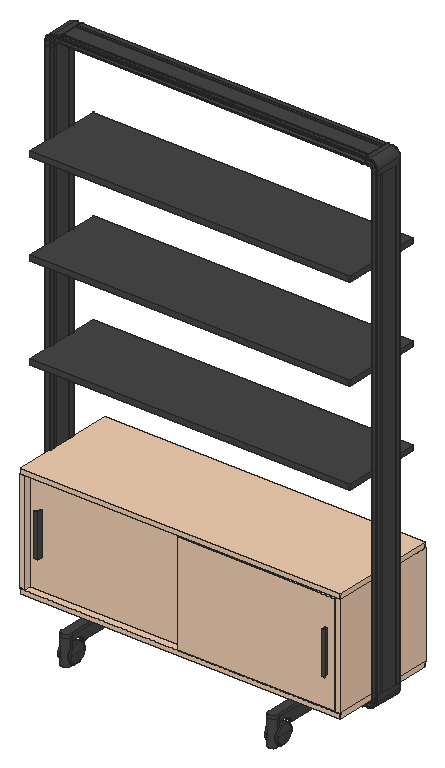
Revit family "DBLTD_TheSenatorGroup_OffcStrg_AdaptWall", category Furniture, Revit 2019
Family settings
  Work Plane-Based = No
  Always vertical = Yes
  Cut with Voids When Loaded = No
  Shared = Yes
  Room Calculation Point = No
Parameters (values of type "3 x Shelf with Sliding Door Unit 1250mm Wide")
  WarrantyStartDate [instance] = "1900-12-31T23:59:59"
  WarrantyGuarantorParts = "n/a"
  WarrantyGuarantorLabor = "n/a"
  WarrantyDurationUnit = "Years"
  WarrantyDurationParts = "n/a"
  WarrantyDurationLabor = "n/a"
  WarrantyDescription = "Senator warrants that its manufactured products are free from manufacturing defects - in materials or workmanship - for a period of ten (10) years on Senator Seating ranges; and fifteen (15) years on Senator Desking ranges"
  Version = "2"  # constant formula
  Uniclass2015Version = "Products v1.9"
  Uniclass2015Title = "Office storage units"
  Uniclass2015Code = "Pr_40_30_78_57"
  URL = "https://www.thesenatorgroup.com/"
  Type Comments = ModelReference  # "3 x Shelf with Sliding Door Unit 1250mm Wide"
  TagNumber [instance] = "n/a"
  SustainabilityPerformance = "n/a"
  Style = "n/a"
  StorageType = DBLTD_TheSenatorGroup_OffcStrg_AdaptWall_StorageSlide : Storage
  Size = "L 530mm x  W 1250mm x  H 1965mm"
  ShelfType = DBLTD_TheSenatorGroup_OffcStrg_AdaptWall_Shelf : Shelves with Storage
  Shape = "Rectangular"
  SerialNumber [instance] = "n/a"
  Revision = "n/a"
  ReplacementCost = "n/a"
  ProductInformation = "https://www.thesenatorgroup.com/"
  OmniClassTitle = "Storage"
  OmniClassCode = "22-12 51 19"
  NominalWidth = NominalLength  # 1250 mm
  NominalLength = 1250 mm
  NominalHeight = 1965 mm
  NominalDepth = 530 mm
  Name = "OfficeStorage_AdaptWall_TheSenatorGroup"
  NBSReference = "45-35-80/360"
  NBSDescription = "Office storage"
  NBSCertification = ""
  ModelReference = "3 x Shelf with Sliding Door Unit 1250mm Wide"
  ModelNumber = "AW2012SH3SL"
  Model = ModelNumber  # "AW2012SH3SL"
  Material = "MFC storage."
  ManufacturerURL = "https://www.thesenatorgroup.com/"
  ManufacturerName = "The Senator Group"
  Manufacturer = "The Senator Group"
  MainColor = "n/a"
  Keynote = "Pr_40_30_78_57"
  InstallationDate [instance] = "1900-12-31T23:59:59"
  IfcExportType = "STORAGE"  # constant formula
  IfcExportAs = "IfcFurnitureType"  # constant formula
  HasStorage = yes
  Grade = "n/a"
  FrameMaterial [instance] = TheSenatorGroup_Metal_Black
  Finish = "Frame available in Black or White. MFC Storage available in Black, White or Strata Oak."
  Features = "n/a"
  ExpectedLife = "n/a"
  DurationUnit = "year"
  Description = ModelReference  # "3 x Shelf with Sliding Door Unit 1250mm Wide"
  Cost = 0
  Constituents = "n/a"
  Color = "Defined by Finish Specifed"
  CodePerformance = "n/a"
  Category = "Pr_40_30_78_57:Office storage units"
  CarcassMaterial [instance] = TheSenatorGroup_Wood_StrataOak
  BarCode [instance] = "n/a"
  BIMObjectName = "TheSenatorGroup_OfficeStorage_AdaptWall"
  Author = "Diane Butterworth Ltd"  # constant formula
  AssetType = "Movable"
  AssetIdentifier [instance] = "n/a"
  AccessibilityPerformance = "n/a"
Reference planes
  plane 1 "Back": y = 0
  plane 2: z = 0
  plane 3 "Center (Left/Right)": x = 0
  plane 4 "Front": y = -530
  plane 5 "Left": x = -625
  plane 6 "Right": x = 625
  plane 7 "Top": z = 1965
  plane 8: y = -265
Dimensions and locks
  "NominalDepth": plane 4 "Front" to plane 1 "Back"
  equal spacing: plane 5 "Left", plane 3 "Center (Left/Right)", plane 6 "Right"
  "NominalLength": plane 5 "Left" to plane 6 "Right"
  "NominalHeight": plane 7 "Top" to level
  equal spacing: plane 4 "Front", plane 8, plane 1 "Back"
  aligned and locked: level to plane 2
  aligned and locked: plane 3 "Center (Left/Right)" to nested 1
  aligned and locked: plane 8 to nested 1
  aligned and locked: nested 1 to nested 2
  aligned and locked: plane 3 "Center (Left/Right)" to nested 3
Nested families
  nested 1: "DBLTD_TheSenatorGroup_OffcStrg_AdaptWall_Frame" at (0, -36, 0), FrameWidth <- "NominalWidth", FrameMaterial <- "FrameMaterial", type "1250 Frame with Castors"
    with FrameWidth 1250 mm, FrameMaterial TheSenatorGroup_Metal_Black
  nested 2: "DBLTD_TheSenatorGroup_OffcStrg_AdaptWall_Shelf" at (0, -36, 0), FrameMaterial <- "FrameMaterial", FrameWidth <- "NominalWidth", type <- "ShelfType", type "Shelves with Storage"
    with FrameWidth 1250 mm, FrameMaterial TheSenatorGroup_Metal_Black
  nested 3: "DBLTD_TheSenatorGroup_OffcStrg_AdaptWall_StorageSlide" at (0, -36, 0), FrameWidth <- "NominalWidth", type <- "StorageType", FrameMaterial <- "FrameMaterial", CarcassMaterial <- "CarcassMaterial", visible <- "HasStorage", type "Storage"
    with FrameWidth 1250 mm, FrameMaterial TheSenatorGroup_Metal_Black, CarcassMaterial TheSenatorGroup_Wood_StrataOak
Definition of nested family "DBLTD_TheSenatorGroup_OffcStrg_AdaptWall_Frame"
  Parameters (values of type "Frame with Castors")
    URL = ""
    Type Comments = ""
    Model = ""
    Manufacturer = ""
    Keynote = ""
    FrameWidth [instance] = 1250 mm
    FrameMaterial [instance] = none
    Description = ""
    Cost = 0
  Reference planes
    plane 1: z = 0
    plane 2 "Center (Left/Right)": x = 0
    plane 3: y = -229
    plane 4: x = -576.25
    plane 5: x = 576.25
    plane 6: x = -625
    plane 7: x = 625
    plane 8: x = -401.881
    plane 9: x = -376.119
    plane 10: x = 401.881
    plane 11: x = 376.119
  Forms (mm)
    Extrusion 1, solid, material <- "FrameMaterial"
      sketch origin (0, 0, 0) x (1, 0, 0) y (0, 0, 1)
        loop
          line (-536.332, 87.142) -> (536.284, 87.142)
          arc (536.284, 87.142) -> (544.073, 88.158) -> (551.332, 91.161) r 30
          line (551.332, 91.161) -> (594.6, 116.142) -> (-594.6, 116.142) -> (-551.332, 91.161)
          arc (-551.332, 91.161) -> (-544.097, 88.164) -> (-536.332, 87.142) r 30
      from 198.323 to 259.677
    Extrusion 2, void
      sketch origin (0, 0, 0) x (0, 1, 0) y (0, 0, 1)
        loop
          line (-206.193, 115.454) -> (-207.677, 87.142) -> (-198.323, 87.142) -> (-198.323, 116.142) -> (-206.193, 115.454)
        loop
          line (-251.807, 115.454) -> (-259.677, 116.142) -> (-259.677, 87.142) -> (-250.323, 87.142) -> (-251.807, 115.454)
      from -802.4 to 802.4
    Extrusion 3, solid, material <- "FrameMaterial"
      sketch origin (0, 0, 75) x (-1, 0, 0) y (0, -1, 0)
        loop
          arc (405.5, 471.871) -> (389, 495.177) -> (372.5, 471.871) r 17.494
          line (372.5, 471.871) -> (372.5, -13.871)
          arc (372.5, -13.871) -> (389, -37.177) -> (405.5, -13.871) r 17.494
          line (405.5, -13.871) -> (405.5, 471.871)
      from 24.957 to 35.858
    Extrusion 4, solid, material <- "FrameMaterial"
      sketch origin (0, 0, 75) x (-1, 0, 0) y (0, -1, 0)
        loop
          circle (389, 477.683) r 17.494
      from -73 to 24.957
    Extrusion 5, solid, material <- "FrameMaterial"
      sketch origin (0, -458, 75) x (-1, 0, 0) y (0, -1, 0)
        loop
          circle (389, -477.683) r 17.494
      from -73 to 24.957
    Revolve 6, solid, material <- "FrameMaterial"
      sketch origin (0, 0, 37.5) x (-1, 0, 0) y (0, -1, 0)
        loop
          line (376.119, 489.895) -> (368.353, 489.895) -> (365.897, 485.641)
          arc (365.897, 485.641) -> (364.038, 469.064) -> (363.417, 452.395) r 224.102
          line (363.417, 452.395) -> (414.583, 452.395)
          arc (414.583, 452.395) -> (413.963, 469.064) -> (412.104, 485.641) r 224.102
          line (412.104, 485.641) -> (409.648, 489.895) -> (401.881, 489.895) -> (401.881, 462.895) -> (376.119, 462.895) -> (376.119, 489.895)
        axis (414.583, 452.395) -> (363.417, 452.395)
      angle from 0 to 360
    Extrusion 7, solid, material <- "FrameMaterial"
      sketch origin (0, 0, 0) x (0, 1, 0) y (0, 0, 1)
        loop
          line (-271.631, 1948.544) -> (-281.608, 1945.904)
          arc (-281.608, 1945.904) -> (-282.412, 1945.369) -> (-282.724, 1944.454) r 1.5
          line (-282.724, 1944.454) -> (-282.724, 1943.31)
          arc (-282.724, 1943.31) -> (-282.431, 1942.603) -> (-281.724, 1942.31) r 1
          line (-281.724, 1942.31) -> (-266.634, 1942.31)
          arc (-266.634, 1942.31) -> (-265.589, 1942.365) -> (-264.555, 1942.529) r 10
          line (-264.555, 1942.529) -> (-259.755, 1943.549)
          arc (-259.755, 1943.549) -> (-258.721, 1943.713) -> (-257.676, 1943.767) r 10
          line (-257.676, 1943.767) -> (-200.324, 1943.767)
          arc (-200.324, 1943.767) -> (-199.279, 1943.713) -> (-198.245, 1943.549) r 10
          line (-198.245, 1943.549) -> (-193.445, 1942.529)
          arc (-193.445, 1942.529) -> (-192.411, 1942.365) -> (-191.366, 1942.31) r 10
          line (-191.366, 1942.31) -> (-176.276, 1942.31)
          arc (-176.276, 1942.31) -> (-175.569, 1942.603) -> (-175.276, 1943.31) r 1
          line (-175.276, 1943.31) -> (-175.276, 1944.454)
          arc (-175.276, 1944.454) -> (-175.588, 1945.369) -> (-176.392, 1945.904) r 1.5
          line (-176.392, 1945.904) -> (-186.369, 1948.544)
          arc (-186.369, 1948.544) -> (-187.442, 1949.258) -> (-187.857, 1950.478) r 2
          line (-187.857, 1950.478) -> (-187.857, 1956.743)
          arc (-187.857, 1956.743) -> (-187.442, 1957.963) -> (-186.369, 1958.676) r 2
          line (-186.369, 1958.676) -> (-176.392, 1961.317)
          arc (-176.392, 1961.317) -> (-175.588, 1961.852) -> (-175.276, 1962.767) r 1.5
          line (-175.276, 1962.767) -> (-175.276, 1963.91)
          arc (-175.276, 1963.91) -> (-175.569, 1964.617) -> (-176.276, 1964.91) r 1
          line (-176.276, 1964.91) -> (-191.366, 1964.91)
          arc (-191.366, 1964.91) -> (-192.411, 1964.855) -> (-193.445, 1964.692) r 10
          line (-193.445, 1964.692) -> (-198.245, 1963.671)
          arc (-198.245, 1963.671) -> (-199.279, 1963.508) -> (-200.324, 1963.453) r 10
          line (-200.324, 1963.453) -> (-257.676, 1963.453)
          arc (-257.676, 1963.453) -> (-258.721, 1963.508) -> (-259.755, 1963.671) r 10
          line (-259.755, 1963.671) -> (-264.555, 1964.692)
          arc (-264.555, 1964.692) -> (-265.589, 1964.855) -> (-266.634, 1964.91) r 10
          line (-266.634, 1964.91) -> (-281.724, 1964.91)
          arc (-281.724, 1964.91) -> (-282.431, 1964.617) -> (-282.724, 1963.91) r 1
          line (-282.724, 1963.91) -> (-282.724, 1962.767)
          arc (-282.724, 1962.767) -> (-282.412, 1961.852) -> (-281.608, 1961.317) r 1.5
          line (-281.608, 1961.317) -> (-271.631, 1958.676)
          arc (-271.631, 1958.676) -> (-270.558, 1957.963) -> (-270.143, 1956.743) r 2
          line (-270.143, 1956.743) -> (-270.143, 1950.478)
          arc (-270.143, 1950.478) -> (-270.558, 1949.258) -> (-271.631, 1948.544) r 2
      from -576.25 to 576.25
    Extrusion 8, solid, material <- "FrameMaterial"
      sketch origin (0, 0, -1826.168) x (0, 1, 0) y (0, 0, 1)
        loop
          line (-271.631, 1948.544) -> (-281.608, 1945.904)
          arc (-281.608, 1945.904) -> (-282.412, 1945.369) -> (-282.724, 1944.454) r 1.5
          line (-282.724, 1944.454) -> (-282.724, 1943.31)
          arc (-282.724, 1943.31) -> (-282.431, 1942.603) -> (-281.724, 1942.31) r 1
          line (-281.724, 1942.31) -> (-266.634, 1942.31)
          arc (-266.634, 1942.31) -> (-265.589, 1942.365) -> (-264.555, 1942.529) r 10
          line (-264.555, 1942.529) -> (-259.755, 1943.549)
          arc (-259.755, 1943.549) -> (-258.721, 1943.713) -> (-257.676, 1943.767) r 10
          line (-257.676, 1943.767) -> (-200.324, 1943.767)
          arc (-200.324, 1943.767) -> (-199.279, 1943.713) -> (-198.245, 1943.549) r 10
          line (-198.245, 1943.549) -> (-193.445, 1942.529)
          arc (-193.445, 1942.529) -> (-192.411, 1942.365) -> (-191.366, 1942.31) r 10
          line (-191.366, 1942.31) -> (-176.276, 1942.31)
          arc (-176.276, 1942.31) -> (-175.569, 1942.603) -> (-175.276, 1943.31) r 1
          line (-175.276, 1943.31) -> (-175.276, 1944.454)
          arc (-175.276, 1944.454) -> (-175.588, 1945.369) -> (-176.392, 1945.904) r 1.5
          line (-176.392, 1945.904) -> (-186.369, 1948.544)
          arc (-186.369, 1948.544) -> (-187.442, 1949.258) -> (-187.857, 1950.478) r 2
          line (-187.857, 1950.478) -> (-187.857, 1956.743)
          arc (-187.857, 1956.743) -> (-187.442, 1957.963) -> (-186.369, 1958.676) r 2
          line (-186.369, 1958.676) -> (-176.392, 1961.317)
          arc (-176.392, 1961.317) -> (-175.588, 1961.852) -> (-175.276, 1962.767) r 1.5
          line (-175.276, 1962.767) -> (-175.276, 1963.91)
          arc (-175.276, 1963.91) -> (-175.569, 1964.617) -> (-176.276, 1964.91) r 1
          line (-176.276, 1964.91) -> (-191.366, 1964.91)
          arc (-191.366, 1964.91) -> (-192.411, 1964.855) -> (-193.445, 1964.692) r 10
          line (-193.445, 1964.692) -> (-198.245, 1963.671)
          arc (-198.245, 1963.671) -> (-199.279, 1963.508) -> (-200.324, 1963.453) r 10
          line (-200.324, 1963.453) -> (-257.676, 1963.453)
          arc (-257.676, 1963.453) -> (-258.721, 1963.508) -> (-259.755, 1963.671) r 10
          line (-259.755, 1963.671) -> (-264.555, 1964.692)
          arc (-264.555, 1964.692) -> (-265.589, 1964.855) -> (-266.634, 1964.91) r 10
          line (-266.634, 1964.91) -> (-281.724, 1964.91)
          arc (-281.724, 1964.91) -> (-282.431, 1964.617) -> (-282.724, 1963.91) r 1
          line (-282.724, 1963.91) -> (-282.724, 1962.767)
          arc (-282.724, 1962.767) -> (-282.412, 1961.852) -> (-281.608, 1961.317) r 1.5
          line (-281.608, 1961.317) -> (-271.631, 1958.676)
          arc (-271.631, 1958.676) -> (-270.558, 1957.963) -> (-270.143, 1956.743) r 2
          line (-270.143, 1956.743) -> (-270.143, 1950.478)
          arc (-270.143, 1950.478) -> (-270.558, 1949.258) -> (-271.631, 1948.544) r 2
      from -576.25 to 576.25
    Extrusion 9, solid, material <- "FrameMaterial"
      sketch origin (-2567.31, 0, 741.142) x (0, 1, 0) y (-1, 0, 0)
        loop
          arc (-271.631, -1948.544) -> (-270.558, -1949.258) -> (-270.143, -1950.478) r 2
          line (-270.143, -1950.478) -> (-270.143, -1956.743)
          arc (-270.143, -1956.743) -> (-270.558, -1957.963) -> (-271.631, -1958.676) r 2
          line (-271.631, -1958.676) -> (-281.608, -1961.317)
          arc (-281.608, -1961.317) -> (-282.412, -1961.852) -> (-282.724, -1962.767) r 1.5
          line (-282.724, -1962.767) -> (-282.724, -1963.91)
          arc (-282.724, -1963.91) -> (-282.431, -1964.617) -> (-281.724, -1964.91) r 1
          line (-281.724, -1964.91) -> (-266.634, -1964.91)
          arc (-266.634, -1964.91) -> (-265.589, -1964.855) -> (-264.555, -1964.692) r 10
          line (-264.555, -1964.692) -> (-259.755, -1963.671)
          arc (-259.755, -1963.671) -> (-258.721, -1963.508) -> (-257.676, -1963.453) r 10
          line (-257.676, -1963.453) -> (-200.324, -1963.453)
          arc (-200.324, -1963.453) -> (-199.279, -1963.508) -> (-198.245, -1963.671) r 10
          line (-198.245, -1963.671) -> (-193.445, -1964.692)
          arc (-193.445, -1964.692) -> (-192.411, -1964.855) -> (-191.366, -1964.91) r 10
          line (-191.366, -1964.91) -> (-176.276, -1964.91)
          arc (-176.276, -1964.91) -> (-175.569, -1964.617) -> (-175.276, -1963.91) r 1
          line (-175.276, -1963.91) -> (-175.276, -1962.767)
          arc (-175.276, -1962.767) -> (-175.588, -1961.852) -> (-176.392, -1961.317) r 1.5
          line (-176.392, -1961.317) -> (-186.369, -1958.676)
          arc (-186.369, -1958.676) -> (-187.442, -1957.963) -> (-187.857, -1956.743) r 2
          line (-187.857, -1956.743) -> (-187.857, -1950.478)
          arc (-187.857, -1950.478) -> (-187.442, -1949.258) -> (-186.369, -1948.544) r 2
          line (-186.369, -1948.544) -> (-176.392, -1945.904)
          arc (-176.392, -1945.904) -> (-175.588, -1945.369) -> (-175.276, -1944.454) r 1.5
          line (-175.276, -1944.454) -> (-175.276, -1943.31)
          arc (-175.276, -1943.31) -> (-175.569, -1942.603) -> (-176.276, -1942.31) r 1
          line (-176.276, -1942.31) -> (-191.366, -1942.31)
          arc (-191.366, -1942.31) -> (-192.411, -1942.365) -> (-193.445, -1942.529) r 10
          line (-193.445, -1942.529) -> (-198.245, -1943.549)
          arc (-198.245, -1943.549) -> (-199.279, -1943.713) -> (-200.324, -1943.767) r 10
          line (-200.324, -1943.767) -> (-257.676, -1943.767)
          arc (-257.676, -1943.767) -> (-258.721, -1943.713) -> (-259.755, -1943.549) r 10
          line (-259.755, -1943.549) -> (-264.555, -1942.529)
          arc (-264.555, -1942.529) -> (-265.589, -1942.365) -> (-266.634, -1942.31) r 10
          line (-266.634, -1942.31) -> (-281.724, -1942.31)
          arc (-281.724, -1942.31) -> (-282.431, -1942.603) -> (-282.724, -1943.31) r 1
          line (-282.724, -1943.31) -> (-282.724, -1944.454)
          arc (-282.724, -1944.454) -> (-282.412, -1945.369) -> (-281.608, -1945.904) r 1.5
          line (-281.608, -1945.904) -> (-271.631, -1948.544)
      from -576.25 to 1175.018
    Extrusion 10, solid, material <- "FrameMaterial"
      sketch origin (2567.31, 0, 741.142) x (0, 1, 0) y (-1, 0, 0)
        loop
          line (-271.631, 1948.544) -> (-281.608, 1945.904)
          arc (-281.608, 1945.904) -> (-282.412, 1945.369) -> (-282.724, 1944.454) r 1.5
          line (-282.724, 1944.454) -> (-282.724, 1943.31)
          arc (-282.724, 1943.31) -> (-282.431, 1942.603) -> (-281.724, 1942.31) r 1
          line (-281.724, 1942.31) -> (-266.634, 1942.31)
          arc (-266.634, 1942.31) -> (-265.589, 1942.365) -> (-264.555, 1942.529) r 10
          line (-264.555, 1942.529) -> (-259.755, 1943.549)
          arc (-259.755, 1943.549) -> (-258.721, 1943.713) -> (-257.676, 1943.767) r 10
          line (-257.676, 1943.767) -> (-200.324, 1943.767)
          arc (-200.324, 1943.767) -> (-199.279, 1943.713) -> (-198.245, 1943.549) r 10
          line (-198.245, 1943.549) -> (-193.445, 1942.529)
          arc (-193.445, 1942.529) -> (-192.411, 1942.365) -> (-191.366, 1942.31) r 10
          line (-191.366, 1942.31) -> (-176.276, 1942.31)
          arc (-176.276, 1942.31) -> (-175.569, 1942.603) -> (-175.276, 1943.31) r 1
          line (-175.276, 1943.31) -> (-175.276, 1944.454)
          arc (-175.276, 1944.454) -> (-175.588, 1945.369) -> (-176.392, 1945.904) r 1.5
          line (-176.392, 1945.904) -> (-186.369, 1948.544)
          arc (-186.369, 1948.544) -> (-187.442, 1949.258) -> (-187.857, 1950.478) r 2
          line (-187.857, 1950.478) -> (-187.857, 1956.743)
          arc (-187.857, 1956.743) -> (-187.442, 1957.963) -> (-186.369, 1958.676) r 2
          line (-186.369, 1958.676) -> (-176.392, 1961.317)
          arc (-176.392, 1961.317) -> (-175.588, 1961.852) -> (-175.276, 1962.767) r 1.5
          line (-175.276, 1962.767) -> (-175.276, 1963.91)
          arc (-175.276, 1963.91) -> (-175.569, 1964.617) -> (-176.276, 1964.91) r 1
          line (-176.276, 1964.91) -> (-191.366, 1964.91)
          arc (-191.366, 1964.91) -> (-192.411, 1964.855) -> (-193.445, 1964.692) r 10
          line (-193.445, 1964.692) -> (-198.245, 1963.671)
          arc (-198.245, 1963.671) -> (-199.279, 1963.508) -> (-200.324, 1963.453) r 10
          line (-200.324, 1963.453) -> (-257.676, 1963.453)
          arc (-257.676, 1963.453) -> (-258.721, 1963.508) -> (-259.755, 1963.671) r 10
          line (-259.755, 1963.671) -> (-264.555, 1964.692)
          arc (-264.555, 1964.692) -> (-265.589, 1964.855) -> (-266.634, 1964.91) r 10
          line (-266.634, 1964.91) -> (-281.724, 1964.91)
          arc (-281.724, 1964.91) -> (-282.431, 1964.617) -> (-282.724, 1963.91) r 1
          line (-282.724, 1963.91) -> (-282.724, 1962.767)
          arc (-282.724, 1962.767) -> (-282.412, 1961.852) -> (-281.608, 1961.317) r 1.5
          line (-281.608, 1961.317) -> (-271.631, 1958.676)
          arc (-271.631, 1958.676) -> (-270.558, 1957.963) -> (-270.143, 1956.743) r 2
          line (-270.143, 1956.743) -> (-270.143, 1950.478)
          arc (-270.143, 1950.478) -> (-270.558, 1949.258) -> (-271.631, 1948.544) r 2
      from -576.25 to 1175.018
    Revolve 11, solid, material <- "FrameMaterial"
      sketch origin (0, -458, 37.5) x (-1, 0, 0) y (0, -1, 0)
        loop
          line (376.119, -489.895) -> (376.119, -462.895) -> (401.881, -462.895) -> (401.881, -489.895) -> (409.648, -489.895) -> (412.104, -485.641)
          arc (412.104, -485.641) -> (413.963, -469.064) -> (414.583, -452.395) r 224.102
          line (414.583, -452.395) -> (363.417, -452.395)
          arc (363.417, -452.395) -> (364.038, -469.064) -> (365.897, -485.641) r 224.102
          line (365.897, -485.641) -> (368.353, -489.895) -> (376.119, -489.895)
        axis (414.583, -452.395) -> (363.417, -452.395)
      angle from 0 to 360
    Extrusion 12, solid, material <- "FrameMaterial"
      sketch origin (0, 0, 75) x (1, 0, 0) y (0, 1, 0)
        loop
          line (405.5, -471.871) -> (405.5, 13.871)
          arc (405.5, 13.871) -> (389, 37.177) -> (372.5, 13.871) r 17.494
          line (372.5, 13.871) -> (372.5, -471.871)
          arc (372.5, -471.871) -> (389, -495.177) -> (405.5, -471.871) r 17.494
      from 24.957 to 35.858
    Extrusion 13, solid, material <- "FrameMaterial"
      sketch origin (0, 0, 0) x (0, 1, 0) y (0, 0, -1)
        loop
          line (-41.377, -73.17) -> (-46.59, -63.366)
          arc (-46.59, -63.366) -> (-51.005, -58.714) -> (-57.185, -57) r 12
          line (-57.185, -57) -> (-400.815, -57)
          arc (-400.815, -57) -> (-406.995, -58.714) -> (-411.41, -63.366) r 12
          line (-411.41, -63.366) -> (-416.623, -73.17)
          arc (-416.623, -73.17) -> (-421.038, -77.822) -> (-427.218, -79.536) r 12
          line (-427.218, -79.536) -> (-471.871, -79.536) -> (-471.871, -99.957) -> (-250.995, -99.957) -> (-250.323, -87.142) -> (-207.677, -87.142) -> (-207.005, -99.957) -> (13.871, -99.957) -> (13.871, -79.536) -> (-30.782, -79.536)
          arc (-30.782, -79.536) -> (-36.962, -77.822) -> (-41.377, -73.17) r 12
      from -401.881 to -376.119
    Extrusion 14, solid, material <- "FrameMaterial"
      sketch origin (0, 0, 75) x (1, 0, 0) y (0, 1, 0)
        loop
          circle (389, -477.683) r 17.494
      from -73 to 24.957
    Extrusion 15, solid, material <- "FrameMaterial"
      sketch origin (0, -458, 75) x (1, 0, 0) y (0, 1, 0)
        loop
          circle (389, 477.683) r 17.494
      from -73 to 24.957
    Revolve 16, solid, material <- "FrameMaterial"
      sketch origin (0, 0, 37.5) x (1, 0, 0) y (0, 1, 0)
        loop
          line (376.119, -489.895) -> (376.119, -462.895) -> (401.881, -462.895) -> (401.881, -489.895) -> (409.648, -489.895) -> (412.104, -485.641)
          arc (412.104, -485.641) -> (413.963, -469.064) -> (414.583, -452.395) r 224.102
          line (414.583, -452.395) -> (363.417, -452.395)
          arc (363.417, -452.395) -> (364.038, -469.064) -> (365.897, -485.641) r 224.102
          line (365.897, -485.641) -> (368.353, -489.895) -> (376.119, -489.895)
        axis (414.583, -452.395) -> (363.417, -452.395)
      angle from 0 to 360
    Revolve 17, solid, material <- "FrameMaterial"
      sketch origin (0, -458, 37.5) x (1, 0, 0) y (0, 1, 0)
        loop
          line (376.119, 489.895) -> (368.353, 489.895) -> (365.897, 485.641)
          arc (365.897, 485.641) -> (364.038, 469.064) -> (363.417, 452.395) r 224.102
          line (363.417, 452.395) -> (414.583, 452.395)
          arc (414.583, 452.395) -> (413.963, 469.064) -> (412.104, 485.641) r 224.102
          line (412.104, 485.641) -> (409.648, 489.895) -> (401.881, 489.895) -> (401.881, 462.895) -> (376.119, 462.895) -> (376.119, 489.895)
        axis (414.583, 452.395) -> (363.417, 452.395)
      angle from 0 to 360
    Extrusion 18, solid, material <- "FrameMaterial"
      sketch origin (0, 0, 0) x (0, 1, 0) y (0, 0, 1)
        loop
          arc (-41.377, 73.17) -> (-36.962, 77.822) -> (-30.782, 79.536) r 12
          line (-30.782, 79.536) -> (13.871, 79.536) -> (13.871, 99.957) -> (-207.005, 99.957) -> (-207.677, 87.142) -> (-250.323, 87.142) -> (-250.995, 99.957) -> (-471.871, 99.957) -> (-471.871, 79.536) -> (-427.218, 79.536)
          arc (-427.218, 79.536) -> (-421.038, 77.822) -> (-416.623, 73.17) r 12
          line (-416.623, 73.17) -> (-411.41, 63.366)
          arc (-411.41, 63.366) -> (-406.995, 58.714) -> (-400.815, 57) r 12
          line (-400.815, 57) -> (-57.185, 57)
          arc (-57.185, 57) -> (-51.005, 58.714) -> (-46.59, 63.366) r 12
          line (-46.59, 63.366) -> (-41.377, 73.17)
      from -401.881 to -376.119
    Sweep 19, solid, material <- "FrameMaterial"
      path origin (0, 0, 0) x (1, 0, 0) y (0, 0, 1)
        loop
          line (-625, 164.892) -> (-625, 146.142)
          arc (-625, 146.142) -> (-616.213, 124.929) -> (-595, 116.142) r 30
          line (-595, 116.142) -> (-576.25, 116.142)
      profile origin (-625, 0, 155.517) x (0, -1, 0) y (1, 0, 0)
        loop
          arc (281.724, 0) -> (282.431, 0.293) -> (282.724, 1) r 1
          line (282.724, 1) -> (282.724, 2.143)
          arc (282.724, 2.143) -> (282.412, 3.058) -> (281.608, 3.594) r 1.5
          line (281.608, 3.594) -> (271.631, 6.234)
          arc (271.631, 6.234) -> (270.558, 6.948) -> (270.143, 8.168) r 2
          line (270.143, 8.168) -> (270.143, 14.432)
          arc (270.143, 14.432) -> (270.558, 15.652) -> (271.631, 16.366) r 2
          line (271.631, 16.366) -> (281.608, 19.006)
          arc (281.608, 19.006) -> (282.412, 19.542) -> (282.724, 20.457) r 1.5
          line (282.724, 20.457) -> (282.724, 21.6)
          arc (282.724, 21.6) -> (282.431, 22.307) -> (281.724, 22.6) r 1
          line (281.724, 22.6) -> (266.634, 22.6)
          arc (266.634, 22.6) -> (265.589, 22.545) -> (264.555, 22.381) r 10
          line (264.555, 22.381) -> (259.755, 21.361)
          arc (259.755, 21.361) -> (258.721, 21.197) -> (257.676, 21.143) r 10
          line (257.676, 21.143) -> (200.324, 21.143)
          arc (200.324, 21.143) -> (199.279, 21.197) -> (198.245, 21.361) r 10
          line (198.245, 21.361) -> (193.445, 22.381)
          arc (193.445, 22.381) -> (192.411, 22.545) -> (191.366, 22.6) r 10
          line (191.366, 22.6) -> (176.276, 22.6)
          arc (176.276, 22.6) -> (175.569, 22.307) -> (175.276, 21.6) r 1
          line (175.276, 21.6) -> (175.276, 20.457)
          arc (175.276, 20.457) -> (175.588, 19.542) -> (176.392, 19.006) r 1.5
          line (176.392, 19.006) -> (186.369, 16.366)
          arc (186.369, 16.366) -> (187.442, 15.652) -> (187.857, 14.432) r 2
          line (187.857, 14.432) -> (187.857, 8.168)
          arc (187.857, 8.168) -> (187.442, 6.948) -> (186.369, 6.234) r 2
          line (186.369, 6.234) -> (176.392, 3.594)
          arc (176.392, 3.594) -> (175.588, 3.058) -> (175.276, 2.143) r 1.5
          line (175.276, 2.143) -> (175.276, 1)
          arc (175.276, 1) -> (175.569, 0.293) -> (176.276, 0) r 1
          line (176.276, 0) -> (281.724, 0)
    Sweep 20, solid, material <- "FrameMaterial"
      path origin (0, 0, 0) x (-1, 0, 0) y (0, 0, -1)
        loop
          line (-625, -164.892) -> (-625, -146.142)
          arc (-625, -146.142) -> (-616.213, -124.929) -> (-595, -116.142) r 30
          line (-595, -116.142) -> (-576.25, -116.142)
      profile origin (625, 0, 155.517) x (0, -1, 0) y (1, 0, 0)
        loop
          line (281.724, 0) -> (176.276, 0)
          arc (176.276, 0) -> (175.569, -0.293) -> (175.276, -1) r 1
          line (175.276, -1) -> (175.276, -2.143)
          arc (175.276, -2.143) -> (175.588, -3.058) -> (176.392, -3.594) r 1.5
          line (176.392, -3.594) -> (186.369, -6.234)
          arc (186.369, -6.234) -> (187.442, -6.948) -> (187.857, -8.168) r 2
          line (187.857, -8.168) -> (187.857, -14.432)
          arc (187.857, -14.432) -> (187.442, -15.652) -> (186.369, -16.366) r 2
          line (186.369, -16.366) -> (176.392, -19.006)
          arc (176.392, -19.006) -> (175.588, -19.542) -> (175.276, -20.457) r 1.5
          line (175.276, -20.457) -> (175.276, -21.6)
          arc (175.276, -21.6) -> (175.569, -22.307) -> (176.276, -22.6) r 1
          line (176.276, -22.6) -> (191.366, -22.6)
          arc (191.366, -22.6) -> (192.411, -22.545) -> (193.445, -22.381) r 10
          line (193.445, -22.381) -> (198.245, -21.361)
          arc (198.245, -21.361) -> (199.279, -21.197) -> (200.324, -21.143) r 10
          line (200.324, -21.143) -> (257.676, -21.143)
          arc (257.676, -21.143) -> (258.721, -21.197) -> (259.755, -21.361) r 10
          line (259.755, -21.361) -> (264.555, -22.381)
          arc (264.555, -22.381) -> (265.589, -22.545) -> (266.634, -22.6) r 10
          line (266.634, -22.6) -> (281.724, -22.6)
          arc (281.724, -22.6) -> (282.431, -22.307) -> (282.724, -21.6) r 1
          line (282.724, -21.6) -> (282.724, -20.457)
          arc (282.724, -20.457) -> (282.412, -19.542) -> (281.608, -19.006) r 1.5
          line (281.608, -19.006) -> (271.631, -16.366)
          arc (271.631, -16.366) -> (270.558, -15.652) -> (270.143, -14.432) r 2
          line (270.143, -14.432) -> (270.143, -8.168)
          arc (270.143, -8.168) -> (270.558, -6.948) -> (271.631, -6.234) r 2
          line (271.631, -6.234) -> (281.608, -3.594)
          arc (281.608, -3.594) -> (282.412, -3.058) -> (282.724, -2.143) r 1.5
          line (282.724, -2.143) -> (282.724, -1)
          arc (282.724, -1) -> (282.431, -0.293) -> (281.724, 0) r 1
    Sweep 21, solid, material <- "FrameMaterial"
      path origin (0, 0, 2081.052) x (1, 0, 0) y (0, 0, 1)
        loop
          line (-625, -164.892) -> (-625, -146.142)
          arc (-625, -146.142) -> (-616.213, -124.929) -> (-595, -116.142) r 30
          line (-595, -116.142) -> (-576.25, -116.142)
      profile origin (-625, 0, 1925.535) x (-1, 0, 0) y (0, -1, 0)
        loop
          arc (0, 281.724) -> (-0.293, 282.431) -> (-1, 282.724) r 1
          line (-1, 282.724) -> (-2.143, 282.724)
          arc (-2.143, 282.724) -> (-3.058, 282.412) -> (-3.594, 281.608) r 1.5
          line (-3.594, 281.608) -> (-6.234, 271.631)
          arc (-6.234, 271.631) -> (-6.948, 270.558) -> (-8.168, 270.143) r 2
          line (-8.168, 270.143) -> (-14.432, 270.143)
          arc (-14.432, 270.143) -> (-15.652, 270.558) -> (-16.366, 271.631) r 2
          line (-16.366, 271.631) -> (-19.006, 281.608)
          arc (-19.006, 281.608) -> (-19.542, 282.412) -> (-20.457, 282.724) r 1.5
          line (-20.457, 282.724) -> (-21.6, 282.724)
          arc (-21.6, 282.724) -> (-22.307, 282.431) -> (-22.6, 281.724) r 1
          line (-22.6, 281.724) -> (-22.6, 266.634)
          arc (-22.6, 266.634) -> (-22.545, 265.589) -> (-22.381, 264.555) r 10
          line (-22.381, 264.555) -> (-21.361, 259.755)
          arc (-21.361, 259.755) -> (-21.197, 258.721) -> (-21.143, 257.676) r 10
          line (-21.143, 257.676) -> (-21.143, 200.324)
          arc (-21.143, 200.324) -> (-21.197, 199.279) -> (-21.361, 198.245) r 10
          line (-21.361, 198.245) -> (-22.381, 193.445)
          arc (-22.381, 193.445) -> (-22.545, 192.411) -> (-22.6, 191.366) r 10
          line (-22.6, 191.366) -> (-22.6, 176.276)
          arc (-22.6, 176.276) -> (-22.307, 175.569) -> (-21.6, 175.276) r 1
          line (-21.6, 175.276) -> (-20.457, 175.276)
          arc (-20.457, 175.276) -> (-19.542, 175.588) -> (-19.006, 176.392) r 1.5
          line (-19.006, 176.392) -> (-16.366, 186.369)
          arc (-16.366, 186.369) -> (-15.652, 187.442) -> (-14.432, 187.857) r 2
          line (-14.432, 187.857) -> (-8.168, 187.857)
          arc (-8.168, 187.857) -> (-6.948, 187.442) -> (-6.234, 186.369) r 2
          line (-6.234, 186.369) -> (-3.594, 176.392)
          arc (-3.594, 176.392) -> (-3.058, 175.588) -> (-2.143, 175.276) r 1.5
          line (-2.143, 175.276) -> (-1, 175.276)
          arc (-1, 175.276) -> (-0.293, 175.569) -> (0, 176.276) r 1
          line (0, 176.276) -> (0, 281.724)
    Sweep 22, solid, material <- "FrameMaterial"
      path origin (0, 0, 2081.052) x (-1, 0, 0) y (0, 0, -1)
        loop
          line (-625, 164.892) -> (-625, 146.142)
          arc (-625, 146.142) -> (-616.213, 124.929) -> (-595, 116.142) r 30
          line (-595, 116.142) -> (-576.25, 116.142)
      profile origin (625, 0, 1925.535) x (-1, 0, 0) y (0, -1, 0)
        loop
          line (0, 281.724) -> (0, 176.276)
          arc (0, 176.276) -> (0.293, 175.569) -> (1, 175.276) r 1
          line (1, 175.276) -> (2.143, 175.276)
          arc (2.143, 175.276) -> (3.058, 175.588) -> (3.594, 176.392) r 1.5
          line (3.594, 176.392) -> (6.234, 186.369)
          arc (6.234, 186.369) -> (6.948, 187.442) -> (8.168, 187.857) r 2
          line (8.168, 187.857) -> (14.432, 187.857)
          arc (14.432, 187.857) -> (15.652, 187.442) -> (16.366, 186.369) r 2
          line (16.366, 186.369) -> (19.006, 176.392)
          arc (19.006, 176.392) -> (19.542, 175.588) -> (20.457, 175.276) r 1.5
          line (20.457, 175.276) -> (21.6, 175.276)
          arc (21.6, 175.276) -> (22.307, 175.569) -> (22.6, 176.276) r 1
          line (22.6, 176.276) -> (22.6, 191.366)
          arc (22.6, 191.366) -> (22.545, 192.411) -> (22.381, 193.445) r 10
          line (22.381, 193.445) -> (21.361, 198.245)
          arc (21.361, 198.245) -> (21.197, 199.279) -> (21.143, 200.324) r 10
          line (21.143, 200.324) -> (21.143, 257.676)
          arc (21.143, 257.676) -> (21.197, 258.721) -> (21.361, 259.755) r 10
          line (21.361, 259.755) -> (22.381, 264.555)
          arc (22.381, 264.555) -> (22.545, 265.589) -> (22.6, 266.634) r 10
          line (22.6, 266.634) -> (22.6, 281.724)
          arc (22.6, 281.724) -> (22.307, 282.431) -> (21.6, 282.724) r 1
          line (21.6, 282.724) -> (20.457, 282.724)
          arc (20.457, 282.724) -> (19.542, 282.412) -> (19.006, 281.608) r 1.5
          line (19.006, 281.608) -> (16.366, 271.631)
          arc (16.366, 271.631) -> (15.652, 270.558) -> (14.432, 270.143) r 2
          line (14.432, 270.143) -> (8.168, 270.143)
          arc (8.168, 270.143) -> (6.948, 270.558) -> (6.234, 271.631) r 2
          line (6.234, 271.631) -> (3.594, 281.608)
          arc (3.594, 281.608) -> (3.058, 282.412) -> (2.143, 282.724) r 1.5
          line (2.143, 282.724) -> (1, 282.724)
          arc (1, 282.724) -> (0.293, 282.431) -> (0, 281.724) r 1
  Cuts and joins
    Extrusion 2 cuts Extrusion 1
  Dimensions and locks
    equal spacing: plane 6, plane 2 "Center (Left/Right)", plane 7
    "FrameWidth": plane 6 to plane 7
    locked: plane 6 to plane 4 at 48.75
    locked: plane 7 to plane 5 at 48.75
    locked: plane 9 to plane 8 at 25.762
    locked: plane 8 to plane 4 at 174.369
    locked: plane 11 to plane 10 at 25.762
    locked: plane 10 to plane 5 at 174.369
    aligned and locked: level to plane 1
    aligned and locked: plane 4 to Extrusion 8
    aligned and locked: plane 5 to Extrusion 8
    aligned and locked: plane 4 to Extrusion 7
    aligned and locked: plane 5 to Extrusion 7
    aligned and locked: Extrusion 18 to plane 8
    aligned and locked: plane 9 to Extrusion 18
    aligned and locked: Extrusion 13 to plane 11
    aligned and locked: Extrusion 13 to plane 10
    aligned and locked: plane 6 to Sweep 19 sketch curve
    aligned and locked: plane 4 to Sweep 19 sketch curve
  Automatic sketch dimensions
    plane 4 to Extrusion 1 sketch curve = 18.35 mm
    Extrusion 1 sketch curve to plane 4 = 24.918 mm
    Extrusion 1 sketch curve to Extrusion 1 sketch curve = 15 mm  (x2)
    Extrusion 1 sketch curve to plane 5 = 39.966 mm
    Extrusion 1 sketch curve to Extrusion 1 sketch curve = 0.048 mm
    Extrusion 1 sketch curve to Extrusion 1 sketch curve = 15.048 mm
    plane 5 to Extrusion 1 sketch curve = 18.35 mm
    level to Extrusion 1 sketch curve = 87.142 mm  (x2)
    Extrusion 1 sketch curve to Extrusion 1 sketch curve = 4.019 mm  (x2)
    Extrusion 1 sketch curve to Extrusion 1 sketch curve = 24.981 mm
    Extrusion 2 sketch curve to plane 3 = 30.677 mm
    Extrusion 2 sketch curve to Extrusion 2 sketch curve = 7.87 mm
    Extrusion 2 sketch curve to Extrusion 2 sketch curve = 9.354 mm  (x2)
    plane 3 to Extrusion 2 sketch curve = 21.323 mm
    plane 3 to Extrusion 2 sketch curve = 22.807 mm
    level to Extrusion 2 sketch curve = 87.142 mm
    Extrusion 2 sketch curve to Extrusion 2 sketch curve = 0 mm
    Extrusion 2 sketch curve to Extrusion 2 sketch curve = 28.312 mm  (x2)
    Extrusion 2 sketch curve to Extrusion 2 sketch curve = 0.689 mm  (x2)
    plane 9 to Extrusion 3 sketch curve = 3.619 mm
    Extrusion 3 sketch curve to plane 9 = 12.881 mm  (x2)
    Extrusion 3 sketch curve to plane 8 = 3.619 mm
    plane 3 to Extrusion 3 sketch curve = 248.683 mm
    Extrusion 3 sketch curve to Extrusion 3 sketch curve = 5.812 mm  (x2)
    Extrusion 3 sketch curve to plane 3 = 242.871 mm
    Extrusion 4 sketch curve to plane 9 = 12.881 mm
    Extrusion 4 sketch curve to plane 3 = 248.683 mm
    Extrusion 5 sketch curve to plane 9 = 12.881 mm
    plane 3 to Extrusion 5 sketch curve = 248.683 mm
    Revolve 6 sketch curve to plane 9 = 0 mm
    plane 9 to Revolve 6 sketch curve = 7.766 mm
    Revolve 6 sketch curve to Revolve 6 sketch curve = 2.456 mm  (x2)
    plane 9 to Revolve 6 sketch curve = 12.702 mm
    Revolve 6 sketch curve to Revolve 6 sketch curve = 172.936 mm
    plane 8 to Revolve 6 sketch curve = 0 mm
    Revolve 6 sketch curve to plane 8 = 7.766 mm
    Revolve 6 sketch curve to plane 8 = 12.702 mm
    plane 4 to Revolve 6 sketch curve = 11.269 mm
    Revolve 6 sketch curve to plane 3 = 223.395 mm
    Revolve 6 sketch curve to Revolve 6 sketch curve = 10.5 mm
    Revolve 6 sketch curve to Revolve 6 sketch curve = 4.254 mm  (x2)
    Revolve 6 sketch curve to Revolve 6 sketch curve = 10.185 mm
    Revolve 6 sketch curve to Revolve 6 sketch curve = 25 mm
    Revolve 6 sketch curve to Revolve 6 sketch curve = 0 mm
    Extrusion 7 sketch curve to plane 3 = 53.724 mm
    Extrusion 7 sketch curve to Extrusion 7 sketch curve = 0 mm  (x5)
    Extrusion 7 sketch curve to Extrusion 7 sketch curve = 1 mm  (x3)
    Extrusion 7 sketch curve to Extrusion 7 sketch curve = 1.116 mm  (x2)
    Extrusion 7 sketch curve to Extrusion 7 sketch curve = 0.5 mm  (x4)
    Extrusion 7 sketch curve to Extrusion 7 sketch curve = 9.465 mm
    Extrusion 7 sketch curve to Extrusion 7 sketch curve = 0.512 mm  (x2)
    Extrusion 7 sketch curve to Extrusion 7 sketch curve = 2 mm  (x3)
    Extrusion 7 sketch curve to Extrusion 7 sketch curve = 4.997 mm
    Extrusion 7 sketch curve to Extrusion 7 sketch curve = 2.079 mm  (x8)
    Extrusion 7 sketch curve to Extrusion 7 sketch curve = 4.8 mm  (x4)
    plane 3 to Extrusion 7 sketch curve = 28.676 mm
    Extrusion 7 sketch curve to Extrusion 7 sketch curve = 3.509 mm
    Extrusion 7 sketch curve to Extrusion 7 sketch curve = 1.488 mm  (x2)
    Extrusion 7 sketch curve to Extrusion 7 sketch curve = 9.593 mm  (x2)
    Extrusion 7 sketch curve to Extrusion 7 sketch curve = 0.384 mm  (x2)
    Extrusion 7 sketch curve to Extrusion 7 sketch curve = 1.5 mm
    level to Extrusion 7 sketch curve = 1933.767 mm
    Extrusion 7 sketch curve to Extrusion 7 sketch curve = 8.543 mm  (x3)
    Extrusion 7 sketch curve to Extrusion 7 sketch curve = 0.219 mm  (x4)
    Extrusion 7 sketch curve to Extrusion 7 sketch curve = 1.02 mm
    Extrusion 7 sketch curve to Extrusion 7 sketch curve = 1.143 mm  (x4)
    Extrusion 7 sketch curve to Extrusion 7 sketch curve = 3.766 mm  (x2)
    Extrusion 7 sketch curve to Extrusion 7 sketch curve = 2.6 mm  (x2)
    Extrusion 7 sketch curve to Extrusion 7 sketch curve = 1.832 mm  (x2)
    Extrusion 7 sketch curve to Extrusion 7 sketch curve = 2.641 mm  (x2)
    Extrusion 8 sketch curve to plane 3 = 53.724 mm
    Extrusion 8 sketch curve to Extrusion 8 sketch curve = 0 mm  (x5)
    Extrusion 8 sketch curve to Extrusion 8 sketch curve = 1 mm  (x3)
    Extrusion 8 sketch curve to Extrusion 8 sketch curve = 1.116 mm  (x2)
    Extrusion 8 sketch curve to Extrusion 8 sketch curve = 0.5 mm  (x4)
    Extrusion 8 sketch curve to Extrusion 8 sketch curve = 9.465 mm
    Extrusion 8 sketch curve to Extrusion 8 sketch curve = 0.512 mm  (x2)
    Extrusion 8 sketch curve to Extrusion 8 sketch curve = 2 mm  (x3)
    Extrusion 8 sketch curve to Extrusion 8 sketch curve = 4.997 mm
    Extrusion 8 sketch curve to Extrusion 8 sketch curve = 2.079 mm  (x8)
    Extrusion 8 sketch curve to Extrusion 8 sketch curve = 4.8 mm  (x4)
    plane 3 to Extrusion 8 sketch curve = 28.676 mm
    Extrusion 8 sketch curve to Extrusion 8 sketch curve = 3.509 mm
    Extrusion 8 sketch curve to Extrusion 8 sketch curve = 1.488 mm  (x2)
    Extrusion 8 sketch curve to Extrusion 8 sketch curve = 9.593 mm  (x2)
    Extrusion 8 sketch curve to Extrusion 8 sketch curve = 0.384 mm  (x2)
    Extrusion 8 sketch curve to Extrusion 8 sketch curve = 1.5 mm
    level to Extrusion 8 sketch curve = 107.599 mm
    Extrusion 8 sketch curve to Extrusion 8 sketch curve = 8.543 mm  (x3)
    Extrusion 8 sketch curve to Extrusion 8 sketch curve = 0.219 mm  (x4)
    Extrusion 8 sketch curve to Extrusion 8 sketch curve = 1.02 mm
    Extrusion 8 sketch curve to Extrusion 8 sketch curve = 1.143 mm  (x4)
    Extrusion 8 sketch curve to Extrusion 8 sketch curve = 3.766 mm  (x2)
    Extrusion 8 sketch curve to Extrusion 8 sketch curve = 2.6 mm  (x2)
    Extrusion 8 sketch curve to Extrusion 8 sketch curve = 1.832 mm  (x2)
    Extrusion 8 sketch curve to Extrusion 8 sketch curve = 2.641 mm  (x2)
    Extrusion 9 sketch curve to plane 6 = 0 mm  (x2)
    Extrusion 9 sketch curve to plane 3 = 53.724 mm
    Extrusion 9 sketch curve to plane 6 = 2.143 mm  (x2)
    Extrusion 9 sketch curve to Extrusion 9 sketch curve = 0 mm  (x4)
    Extrusion 9 sketch curve to Extrusion 9 sketch curve = 1 mm  (x3)
    Extrusion 9 sketch curve to plane 6 = 3.594 mm  (x2)
    Extrusion 9 sketch curve to Extrusion 9 sketch curve = 1.116 mm  (x2)
    Extrusion 9 sketch curve to plane 6 = 19.006 mm  (x2)
    Extrusion 9 sketch curve to Extrusion 9 sketch curve = 0.5 mm  (x2)
    Extrusion 9 sketch curve to Extrusion 9 sketch curve = 9.465 mm
    Extrusion 9 sketch curve to plane 6 = 16.366 mm  (x2)
    Extrusion 9 sketch curve to Extrusion 9 sketch curve = 0.512 mm  (x4)
    Extrusion 9 sketch curve to plane 6 = 6.234 mm  (x2)
    Extrusion 9 sketch curve to Extrusion 9 sketch curve = 2 mm
    Extrusion 9 sketch curve to Extrusion 9 sketch curve = 4.997 mm
    Extrusion 9 sketch curve to plane 6 = 22.381 mm
    Extrusion 9 sketch curve to Extrusion 9 sketch curve = 2.079 mm  (x8)
    Extrusion 9 sketch curve to plane 6 = 0.219 mm  (x2)
    Extrusion 9 sketch curve to plane 6 = 1.239 mm  (x2)
    Extrusion 9 sketch curve to Extrusion 9 sketch curve = 4.8 mm  (x4)
    Extrusion 9 sketch curve to plane 6 = 1.457 mm
    plane 3 to Extrusion 9 sketch curve = 28.676 mm
    Extrusion 9 sketch curve to Extrusion 9 sketch curve = 3.509 mm
    Extrusion 9 sketch curve to Extrusion 9 sketch curve = 1.488 mm  (x2)
    Extrusion 9 sketch curve to Extrusion 9 sketch curve = 9.593 mm  (x2)
    Extrusion 9 sketch curve to Extrusion 9 sketch curve = 0.384 mm  (x2)
    Extrusion 9 sketch curve to Extrusion 9 sketch curve = 1.5 mm
    Extrusion 9 sketch curve to Extrusion 9 sketch curve = 0.219 mm  (x2)
    Extrusion 9 sketch curve to Extrusion 9 sketch curve = 6.234 mm
    Extrusion 9 sketch curve to Extrusion 9 sketch curve = 8.543 mm
    Extrusion 9 sketch curve to Extrusion 9 sketch curve = 8.761 mm
    Extrusion 9 sketch curve to Extrusion 9 sketch curve = 1.02 mm
    Extrusion 10 sketch curve to plane 7 = 0 mm  (x2)
    Extrusion 10 sketch curve to plane 3 = 53.724 mm
    Extrusion 10 sketch curve to plane 7 = 2.143 mm  (x2)
    Extrusion 10 sketch curve to Extrusion 10 sketch curve = 0 mm  (x4)
    Extrusion 10 sketch curve to Extrusion 10 sketch curve = 1 mm  (x3)
    Extrusion 10 sketch curve to plane 7 = 3.594 mm  (x2)
    Extrusion 10 sketch curve to Extrusion 10 sketch curve = 1.116 mm  (x2)
    Extrusion 10 sketch curve to plane 7 = 19.006 mm  (x2)
    Extrusion 10 sketch curve to Extrusion 10 sketch curve = 0.5 mm  (x2)
    Extrusion 10 sketch curve to Extrusion 10 sketch curve = 9.465 mm
    Extrusion 10 sketch curve to plane 7 = 16.366 mm  (x2)
    Extrusion 10 sketch curve to Extrusion 10 sketch curve = 0.512 mm  (x4)
    Extrusion 10 sketch curve to plane 7 = 6.234 mm  (x2)
    Extrusion 10 sketch curve to Extrusion 10 sketch curve = 2 mm
    Extrusion 10 sketch curve to Extrusion 10 sketch curve = 4.997 mm
    Extrusion 10 sketch curve to plane 7 = 22.381 mm
    Extrusion 10 sketch curve to Extrusion 10 sketch curve = 2.079 mm  (x8)
    Extrusion 10 sketch curve to plane 7 = 0.219 mm  (x2)
    Extrusion 10 sketch curve to plane 7 = 1.239 mm  (x2)
    Extrusion 10 sketch curve to Extrusion 10 sketch curve = 4.8 mm  (x4)
    Extrusion 10 sketch curve to plane 7 = 1.457 mm
    plane 3 to Extrusion 10 sketch curve = 28.676 mm
    Extrusion 10 sketch curve to Extrusion 10 sketch curve = 3.509 mm
    Extrusion 10 sketch curve to Extrusion 10 sketch curve = 1.488 mm  (x2)
    Extrusion 10 sketch curve to Extrusion 10 sketch curve = 9.593 mm  (x2)
    Extrusion 10 sketch curve to Extrusion 10 sketch curve = 0.384 mm  (x2)
    Extrusion 10 sketch curve to Extrusion 10 sketch curve = 1.5 mm
    Extrusion 10 sketch curve to Extrusion 10 sketch curve = 2.6 mm  (x2)
    Extrusion 10 sketch curve to Extrusion 10 sketch curve = 1.239 mm
    Extrusion 10 sketch curve to Extrusion 10 sketch curve = 0.219 mm  (x2)
    Extrusion 10 sketch curve to Extrusion 10 sketch curve = 1.143 mm
    Revolve 11 sketch curve to plane 9 = 0 mm
    Revolve 11 sketch curve to Revolve 11 sketch curve = 7.766 mm
    Revolve 11 sketch curve to Revolve 11 sketch curve = 2.456 mm  (x2)
    plane 9 to Revolve 11 sketch curve = 12.702 mm
    Revolve 11 sketch curve to Revolve 11 sketch curve = 172.936 mm
    plane 8 to Revolve 11 sketch curve = 0 mm
    Revolve 11 sketch curve to plane 8 = 7.766 mm
    Revolve 11 sketch curve to plane 8 = 12.702 mm
    plane 4 to Revolve 11 sketch curve = 11.269 mm
    plane 3 to Revolve 11 sketch curve = 260.895 mm
    Revolve 11 sketch curve to Revolve 11 sketch curve = 0 mm  (x2)
    Revolve 11 sketch curve to Revolve 11 sketch curve = 4.254 mm
    Revolve 11 sketch curve to Revolve 11 sketch curve = 10.5 mm
    Revolve 11 sketch curve to Revolve 11 sketch curve = 10.185 mm
    Revolve 11 sketch curve to Revolve 11 sketch curve = 25 mm
    plane 11 to Extrusion 12 sketch curve = 3.619 mm
    Extrusion 12 sketch curve to plane 11 = 12.881 mm  (x2)
    Extrusion 12 sketch curve to plane 10 = 3.619 mm
    Extrusion 12 sketch curve to plane 3 = 248.683 mm
    Extrusion 12 sketch curve to Extrusion 12 sketch curve = 5.812 mm  (x2)
    plane 3 to Extrusion 12 sketch curve = 242.871 mm
    level to Extrusion 13 sketch curve = 79.536 mm
    Extrusion 13 sketch curve to plane 3 = 242.871 mm
    Extrusion 13 sketch curve to Extrusion 13 sketch curve = 44.652 mm  (x2)
    level to Extrusion 13 sketch curve = 73.17 mm  (x2)
    Extrusion 13 sketch curve to Extrusion 13 sketch curve = 10.595 mm  (x4)
    level to Extrusion 13 sketch curve = 63.366 mm  (x2)
    Extrusion 13 sketch curve to Extrusion 13 sketch curve = 5.213 mm  (x2)
    Extrusion 13 sketch curve to plane 3 = 21.995 mm
    Extrusion 13 sketch curve to Extrusion 13 sketch curve = 0.672 mm  (x2)
    plane 3 to Extrusion 13 sketch curve = 21.323 mm
    Extrusion 13 sketch curve to Extrusion 13 sketch curve = 150.492 mm
    Extrusion 13 sketch curve to Extrusion 13 sketch curve = 6.366 mm
    level to Extrusion 13 sketch curve = 87.142 mm
    Extrusion 13 sketch curve to Extrusion 13 sketch curve = 12.815 mm  (x2)
    Extrusion 13 sketch curve to Extrusion 13 sketch curve = 5.634 mm
    Extrusion 14 sketch curve to plane 11 = 12.881 mm
    Extrusion 14 sketch curve to plane 3 = 248.683 mm
    Extrusion 15 sketch curve to plane 11 = 12.881 mm
    plane 3 to Extrusion 15 sketch curve = 248.683 mm
    Revolve 16 sketch curve to plane 11 = 0 mm
    Revolve 16 sketch curve to Revolve 16 sketch curve = 7.766 mm
    Revolve 16 sketch curve to Revolve 16 sketch curve = 2.456 mm  (x2)
    plane 11 to Revolve 16 sketch curve = 12.702 mm
    Revolve 16 sketch curve to Revolve 16 sketch curve = 172.936 mm
    plane 10 to Revolve 16 sketch curve = 0 mm
    Revolve 16 sketch curve to plane 10 = 7.766 mm
    Revolve 16 sketch curve to plane 10 = 12.702 mm
    plane 5 to Revolve 16 sketch curve = 11.269 mm
    Revolve 16 sketch curve to plane 3 = 260.895 mm
    Revolve 16 sketch curve to Revolve 16 sketch curve = 0 mm  (x2)
    Revolve 16 sketch curve to Revolve 16 sketch curve = 4.254 mm
    Revolve 16 sketch curve to Revolve 16 sketch curve = 10.5 mm
    Revolve 16 sketch curve to Revolve 16 sketch curve = 10.185 mm
    Revolve 16 sketch curve to Revolve 16 sketch curve = 25 mm
    Revolve 17 sketch curve to plane 11 = 0 mm
    plane 11 to Revolve 17 sketch curve = 7.766 mm
    Revolve 17 sketch curve to Revolve 17 sketch curve = 2.456 mm  (x2)
    plane 11 to Revolve 17 sketch curve = 12.702 mm
    Revolve 17 sketch curve to Revolve 17 sketch curve = 172.936 mm
    plane 10 to Revolve 17 sketch curve = 0 mm
    Revolve 17 sketch curve to plane 10 = 7.766 mm
    Revolve 17 sketch curve to plane 10 = 12.702 mm
    plane 5 to Revolve 17 sketch curve = 11.269 mm
    plane 3 to Revolve 17 sketch curve = 223.395 mm
    Revolve 17 sketch curve to Revolve 17 sketch curve = 10.5 mm
    Revolve 17 sketch curve to Revolve 17 sketch curve = 4.254 mm  (x2)
    Revolve 17 sketch curve to Revolve 17 sketch curve = 10.185 mm
    Revolve 17 sketch curve to Revolve 17 sketch curve = 25 mm
    Revolve 17 sketch curve to Revolve 17 sketch curve = 0 mm
    level to Extrusion 18 sketch curve = 79.536 mm
    Extrusion 18 sketch curve to plane 3 = 242.871 mm
    Extrusion 18 sketch curve to Extrusion 18 sketch curve = 44.652 mm  (x2)
    level to Extrusion 18 sketch curve = 73.17 mm  (x2)
    Extrusion 18 sketch curve to Extrusion 18 sketch curve = 10.595 mm  (x4)
    level to Extrusion 18 sketch curve = 63.366 mm  (x2)
    Extrusion 18 sketch curve to Extrusion 18 sketch curve = 5.213 mm  (x2)
    Extrusion 18 sketch curve to plane 3 = 21.995 mm
    Extrusion 18 sketch curve to Extrusion 18 sketch curve = 0.672 mm  (x2)
    plane 3 to Extrusion 18 sketch curve = 21.323 mm
    Extrusion 18 sketch curve to Extrusion 18 sketch curve = 150.492 mm
    Extrusion 18 sketch curve to Extrusion 18 sketch curve = 6.366 mm
    Extrusion 18 sketch curve to Extrusion 18 sketch curve = 5.634 mm
    level to Extrusion 18 sketch curve = 87.142 mm
    Extrusion 18 sketch curve to Extrusion 18 sketch curve = 12.815 mm  (x2)
    plane 4 to Sweep 19 sketch curve = 18.75 mm
    level to Sweep 19 sketch curve = 116.142 mm
    Sweep 19 sketch curve to Sweep 19 sketch curve = 18.75 mm
    Sweep 19 sketch curve to profile plane = 0 mm
    Sweep 19 sketch curve to profile plane = 20.457 mm
    profile plane to Sweep 19 sketch curve = 175.276 mm
    Sweep 19 sketch curve to profile plane = 1 mm
    Sweep 19 sketch curve to Sweep 19 sketch curve = 0 mm  (x2)
    Sweep 19 sketch curve to Sweep 19 sketch curve = 1 mm  (x2)
    Sweep 19 sketch curve to profile plane = 3.594 mm  (x2)
    Sweep 19 sketch curve to Sweep 19 sketch curve = 1.116 mm  (x2)
    Sweep 19 sketch curve to profile plane = 19.006 mm  (x2)
    Sweep 19 sketch curve to Sweep 19 sketch curve = 0.5 mm  (x2)
    Sweep 19 sketch curve to Sweep 19 sketch curve = 9.465 mm
    Sweep 19 sketch curve to profile plane = 6.234 mm  (x2)
    Sweep 19 sketch curve to Sweep 19 sketch curve = 0.512 mm  (x4)
    Sweep 19 sketch curve to profile plane = 16.366 mm  (x2)
    Sweep 19 sketch curve to Sweep 19 sketch curve = 2 mm
    Sweep 19 sketch curve to Sweep 19 sketch curve = 4.997 mm
    Sweep 19 sketch curve to profile plane = 22.381 mm  (x2)
    Sweep 19 sketch curve to Sweep 19 sketch curve = 2.079 mm  (x4)
    Sweep 19 sketch curve to profile plane = 21.361 mm  (x2)
    Sweep 19 sketch curve to Sweep 19 sketch curve = 4.8 mm  (x2)
    Sweep 19 sketch curve to Sweep 19 sketch curve = 57.352 mm
    Sweep 19 sketch curve to Sweep 19 sketch curve = 3.509 mm
    Sweep 19 sketch curve to Sweep 19 sketch curve = 1.488 mm  (x2)
    Sweep 19 sketch curve to Sweep 19 sketch curve = 9.593 mm  (x2)
    Sweep 19 sketch curve to profile plane = 2.143 mm
    Sweep 19 sketch curve to Sweep 19 sketch curve = 0.384 mm  (x2)
    Sweep 19 sketch curve to Sweep 19 sketch curve = 1.5 mm
    Sweep 19 sketch curve to Sweep 19 sketch curve = 1.832 mm  (x2)
    Sweep 19 sketch curve to Sweep 19 sketch curve = 0.219 mm
    Sweep 20 sketch curve to plane 7 = 0 mm
    Sweep 20 sketch curve to plane 5 = 0 mm
    plane 5 to Sweep 20 sketch curve = 18.75 mm
    level to Sweep 20 sketch curve = 146.142 mm
    Sweep 20 sketch curve to Sweep 20 sketch curve = 18.75 mm
    Sweep 20 sketch curve to profile plane = 0 mm
    profile plane to Sweep 20 sketch curve = 20.457 mm
    profile plane to Sweep 20 sketch curve = 175.276 mm
    profile plane to Sweep 20 sketch curve = 1 mm
    Sweep 20 sketch curve to Sweep 20 sketch curve = 0 mm  (x2)
    Sweep 20 sketch curve to Sweep 20 sketch curve = 1 mm  (x2)
    profile plane to Sweep 20 sketch curve = 3.594 mm  (x2)
    Sweep 20 sketch curve to Sweep 20 sketch curve = 1.116 mm  (x2)
    profile plane to Sweep 20 sketch curve = 19.006 mm  (x2)
    Sweep 20 sketch curve to Sweep 20 sketch curve = 0.5 mm  (x2)
    Sweep 20 sketch curve to Sweep 20 sketch curve = 9.465 mm
    profile plane to Sweep 20 sketch curve = 6.234 mm  (x2)
    Sweep 20 sketch curve to Sweep 20 sketch curve = 0.512 mm  (x4)
    profile plane to Sweep 20 sketch curve = 16.366 mm  (x2)
    Sweep 20 sketch curve to Sweep 20 sketch curve = 2 mm
    Sweep 20 sketch curve to Sweep 20 sketch curve = 4.997 mm
    profile plane to Sweep 20 sketch curve = 22.381 mm  (x2)
    Sweep 20 sketch curve to Sweep 20 sketch curve = 2.079 mm  (x4)
    profile plane to Sweep 20 sketch curve = 21.361 mm  (x2)
    Sweep 20 sketch curve to Sweep 20 sketch curve = 4.8 mm  (x2)
    Sweep 20 sketch curve to Sweep 20 sketch curve = 57.352 mm
    Sweep 20 sketch curve to Sweep 20 sketch curve = 3.509 mm
    Sweep 20 sketch curve to Sweep 20 sketch curve = 1.488 mm  (x2)
    Sweep 20 sketch curve to Sweep 20 sketch curve = 9.593 mm  (x2)
    profile plane to Sweep 20 sketch curve = 2.143 mm
    Sweep 20 sketch curve to Sweep 20 sketch curve = 0.384 mm  (x2)
    Sweep 20 sketch curve to Sweep 20 sketch curve = 1.5 mm
    Sweep 20 sketch curve to Sweep 20 sketch curve = 0.219 mm
    Sweep 20 sketch curve to Sweep 20 sketch curve = 2.143 mm
    Sweep 20 sketch curve to Sweep 20 sketch curve = 9.781 mm
    Sweep 21 sketch curve to plane 6 = 0 mm
    Sweep 21 sketch curve to plane 4 = 0 mm
    plane 4 to Sweep 21 sketch curve = 18.75 mm
    level to Sweep 21 sketch curve = 1934.91 mm
    Sweep 21 sketch curve to Sweep 21 sketch curve = 18.75 mm
    Sweep 21 sketch curve to profile plane = 0 mm
    profile plane to Sweep 21 sketch curve = 1 mm
    Sweep 21 sketch curve to Sweep 21 sketch curve = 1 mm  (x2)
    Sweep 21 sketch curve to Sweep 21 sketch curve = 1.143 mm  (x4)
    Sweep 21 sketch curve to Sweep 21 sketch curve = 1.45 mm  (x4)
    profile plane to Sweep 21 sketch curve = 6.234 mm  (x2)
    Sweep 21 sketch curve to Sweep 21 sketch curve = 1.933 mm  (x4)
    Sweep 21 sketch curve to Sweep 21 sketch curve = 4.432 mm  (x2)
    Sweep 21 sketch curve to Sweep 21 sketch curve = 1.832 mm  (x2)
    Sweep 21 sketch curve to Sweep 21 sketch curve = 2.641 mm  (x2)
    Sweep 21 sketch curve to Sweep 21 sketch curve = 8.543 mm
    Sweep 21 sketch curve to Sweep 21 sketch curve = 0.219 mm  (x3)
    Sweep 21 sketch curve to Sweep 21 sketch curve = 1.02 mm  (x2)
    Sweep 21 sketch curve to Sweep 21 sketch curve = 10 mm  (x2)
    profile plane to Sweep 21 sketch curve = 175.276 mm
    Sweep 21 sketch curve to Sweep 21 sketch curve = 0 mm  (x2)
    Sweep 21 sketch curve to Sweep 21 sketch curve = 1.116 mm  (x2)
    Sweep 21 sketch curve to Sweep 21 sketch curve = 9.465 mm
    Sweep 21 sketch curve to Sweep 21 sketch curve = 0.512 mm
    Sweep 21 sketch curve to Sweep 21 sketch curve = 4.997 mm
    Sweep 21 sketch curve to Sweep 21 sketch curve = 4.8 mm  (x2)
    Sweep 21 sketch curve to Sweep 21 sketch curve = 57.352 mm
    Sweep 21 sketch curve to Sweep 21 sketch curve = 3.509 mm
    Sweep 21 sketch curve to Sweep 21 sketch curve = 1.488 mm  (x2)
    Sweep 21 sketch curve to Sweep 21 sketch curve = 9.593 mm  (x2)
    Sweep 21 sketch curve to Sweep 21 sketch curve = 0.384 mm  (x2)
    Sweep 22 sketch curve to plane 7 = 0 mm
    Sweep 22 sketch curve to plane 5 = 0 mm
    plane 5 to Sweep 22 sketch curve = 18.75 mm
    level to Sweep 22 sketch curve = 1964.91 mm
    Sweep 22 sketch curve to Sweep 22 sketch curve = 18.75 mm
    Sweep 22 sketch curve to profile plane = 0 mm
    Sweep 22 sketch curve to profile plane = 1 mm
    Sweep 22 sketch curve to Sweep 22 sketch curve = 1 mm  (x2)
    Sweep 22 sketch curve to Sweep 22 sketch curve = 1.143 mm  (x4)
    Sweep 22 sketch curve to Sweep 22 sketch curve = 1.45 mm  (x4)
    Sweep 22 sketch curve to profile plane = 6.234 mm  (x2)
    Sweep 22 sketch curve to Sweep 22 sketch curve = 1.933 mm  (x4)
    Sweep 22 sketch curve to Sweep 22 sketch curve = 4.432 mm  (x2)
    Sweep 22 sketch curve to Sweep 22 sketch curve = 1.832 mm  (x2)
